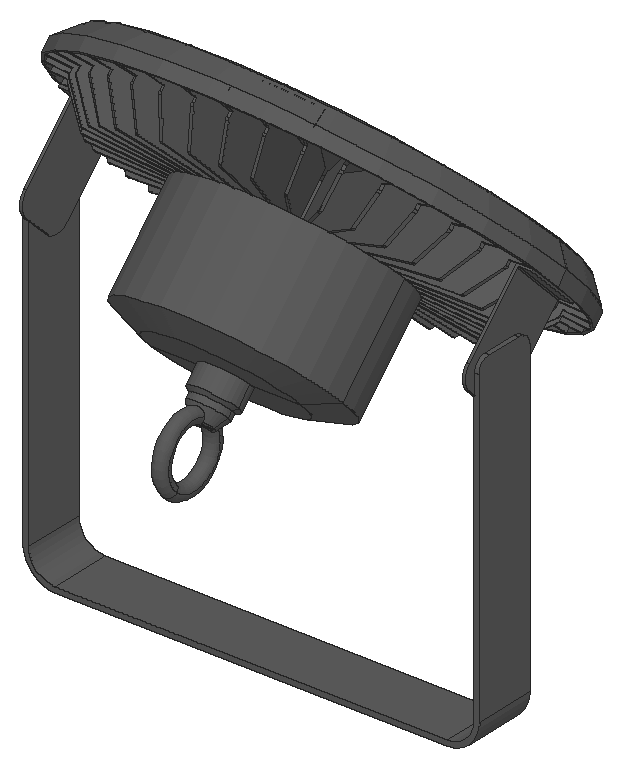
Revit family "0039344+0039353 Feilo Sylvania Lighting Fixture START HIGHBAY 4K 13KLM MEDIUM with BRACKET", category Lighting Fixtures, host Face, Revit 2017 (continued)
Definition of nested family "Start LED Highbay Head"
  Dimensions and locks
    "EyeInner_FEILO": plane 36 to plane 37
    equal spacing: plane 38, plane 3 "Center (Left/Right)", plane 39
    "EyeThickness_FEILO": plane 38 to plane 39
    "EyeThickness_FEILO": plane 37 to plane 40
    equal spacing: plane 37, plane 41, plane 40
    equal spacing: plane 6, plane 42, plane 18
    "ThicknessBracket_FEILO": plane 45 to plane 6
    "ThicknessBracket_FEILO": plane 8 to plane 44
    locked: plane 43 to plane 18 at 1
    equal spacing: plane 24, plane 46, plane 26
    equal spacing: plane 47, plane 1 "Center (Front/Back)", plane 48
    "WidthBracket_FEILO": plane 47 to plane 48
    "WidthRingChamfer_FEILO": plane 50 to plane 49
    "ThicknessWall_FEILO": plane 51 to plane 49
    equal spacing: plane 50, plane 52, plane 51
    "ThicknessBracket_FEILO": plane 54 to plane 50
    locked: plane 53 to plane 51 at 1
    "Radius_FEILO": plane 49 to plane 3 "Center (Left/Right)"
    "ShadeRadiusOut_FEILO": plane 3 "Center (Left/Right)" to plane 55
    "ShadeHeight_FEILO": plane 56 to plane 4
    "ShadeRadiusIn_FEILO": plane 3 "Center (Left/Right)" to plane 57
    locked: plane 58 to plane 57 at 8
    "ShadeThickness_FEILO": plane 60 to plane 4
    "ShadeThickness_FEILO": plane 59 to plane 55
    "EyeThicknessHalf_FEILO": radius of curve 8
    "ThicknessBracket_FEILO": radius of Extrusion 7 sketch curve  (x2)
    "ThicknessBracketHalf_FEILO": radius of Extrusion 7 sketch curve  (x2)
    "ShadeRadiusBend_FEILO": radius of curve 9
    aligned and locked: plane 2 to Extrusion 1
    aligned and locked: level to Extrusion 1
    aligned and locked: plane 5 to curve 1
    aligned and locked: plane 6 to curve 1
    aligned and locked: plane 7 to curve 1
    aligned and locked: plane 10 to curve 2
    aligned and locked: plane 9 to curve 3
    aligned and locked: plane 4 to curve 3
    aligned and locked: plane 11 to curve 3
    aligned and locked: plane 4 to curve 4
    aligned and locked: plane 18 to curve 5
    aligned and locked: plane 10 to curve 5
    aligned and locked: Revolve 2 sketch curve to plane 3 "Center (Left/Right)"
    aligned and locked: Revolve 2 sketch curve to curve 3
    aligned and locked: Revolve 2 sketch curve to curve 1
    aligned and locked: plane 4 to Revolve 2 sketch curve
    aligned and locked: plane 9 to Revolve 2 sketch curve
    aligned and locked: Revolve 2 sketch curve to plane 13
    aligned and locked: Revolve 2 sketch curve to plane 10
    aligned and locked: plane 13 to Revolve 2 sketch curve
    aligned and locked: plane 10 to Revolve 2 sketch curve
    aligned and locked: Revolve 2 sketch curve to plane 18
    aligned and locked: Revolve 2 sketch curve to plane 8
    aligned and locked: plane 5 to Revolve 2 sketch curve  (x2)
    aligned and locked: Revolve 3 sketch curve to plane 3 "Center (Left/Right)"
    aligned and locked: plane 11 to Revolve 3 sketch curve
    aligned and locked: Revolve 3 sketch curve to curve 2
    aligned and locked: plane 15 to Revolve 3 sketch curve
    aligned and locked: Revolve 3 sketch curve to plane 16
    aligned and locked: plane 17 to Revolve 3 sketch curve  (x2)
    aligned and locked: Revolve 3 sketch curve to plane 12
    aligned and locked: plane 7 to Revolve 3 sketch curve
    aligned and locked: Revolve 4 sketch curve to plane 3 "Center (Left/Right)"
    aligned and locked: Revolve 4 sketch curve to plane 14
    aligned and locked: plane 3 "Center (Left/Right)" to Revolve 4 sketch curve
    aligned and locked: Revolve 4 sketch curve to plane 12
    aligned and locked: plane 15 to Revolve 4 sketch curve
    aligned and locked: Revolve 2 sketch curve to curve 5
    aligned and locked: plane 22 to curve 6
    aligned and locked: plane 21 to curve 6
    aligned and locked: plane 20 to curve 6
    aligned and locked: plane 19 to curve 6
    aligned and locked: plane 33 to curve 7
    aligned and locked: plane 32 to curve 7
    aligned and locked: plane 35 to curve 7
    aligned and locked: plane 34 to curve 7
    aligned and locked: Revolve 5 sketch curve to plane 3 "Center (Left/Right)"
    aligned and locked: Revolve 5 sketch curve to plane 25
    aligned and locked: plane 27 to Revolve 5 sketch curve
    aligned and locked: plane 28 to Revolve 5 sketch curve
    aligned and locked: plane 30 to Revolve 5 sketch curve
    aligned and locked: Revolve 5 sketch curve to plane 29
    aligned and locked: plane 31 to Revolve 5 sketch curve
    aligned and locked: Revolve 5 sketch curve to curve 7
    aligned and locked: Revolve 5 sketch curve to plane 32
    aligned and locked: plane 34 to Revolve 5 sketch curve
    aligned and locked: plane 3 "Center (Left/Right)" to Revolve 5 sketch curve
    aligned and locked: plane 3 "Center (Left/Right)" to curve 8
    aligned and locked: plane 41 to curve 8
    aligned and locked: Revolve 6 sketch curve to plane 36
    aligned and locked: Revolve 6 sketch curve to curve 8
    aligned and locked: plane 43 to Extrusion 7 sketch curve  (x2)
    aligned and locked: plane 8 to Extrusion 7 sketch curve  (x3)
    aligned and locked: Extrusion 7 sketch curve to plane 45
    aligned and locked: Extrusion 7 sketch curve to plane 46  (x2)
    aligned and locked: plane 6 to Extrusion 7 sketch curve
    aligned and locked: Extrusion 7 sketch curve to plane 44  (x2)
    aligned and locked: Extrusion 7 to plane 48
    aligned and locked: plane 47 to Extrusion 7
    aligned and locked: plane 53 to Extrusion 7 sketch curve
    aligned and locked: plane 50 to Extrusion 7 sketch curve
    aligned and locked: Extrusion 7 sketch curve to plane 54
    aligned and locked: Extrusion 8 sketch curve to Extrusion 8 sketch curve
    aligned and locked: Extrusion 8 to plane 6
    aligned and locked: Extrusion 8 to Extrusion 7
    aligned and locked: Revolve 5 sketch curve to plane 22
    aligned and locked: plane 23 to nested 1
    aligned and locked: plane 1 "Center (Front/Back)" to nested 1
    aligned and locked: Revolve 9 sketch curve to plane 3 "Center (Left/Right)"
    aligned and locked: Revolve 9 sketch curve to plane 4
    aligned and locked: plane 6 to Revolve 9 sketch curve
    aligned and locked: plane 4 to Revolve 9 sketch curve
    aligned and locked: plane 7 to Revolve 9 sketch curve
    aligned and locked: Revolve 9 sketch curve to plane 5
    aligned and locked: plane 8 to Revolve 9 sketch curve  (x2)
    aligned and locked: Revolve 9 sketch curve to plane 19
    aligned and locked: plane 20 to Revolve 9 sketch curve
    aligned and locked: plane 19 to Revolve 9 sketch curve
    aligned and locked: plane 21 to Revolve 9 sketch curve
    aligned and locked: plane 22 to Revolve 9 sketch curve  (x2)
    aligned and locked: Revolve 9 sketch curve to Revolve 9 sketch curve
    aligned and locked: imposter light to plane 4
    aligned and locked: plane 3 "Center (Left/Right)" to imposter light
    aligned and locked: imposter light to plane 1 "Center (Front/Back)"
    aligned and locked: plane 55 to curve 9
    aligned and locked: plane 56 to curve 9
    aligned and locked: plane 57 to curve 9
    aligned and locked: plane 4 to curve 9
    aligned and locked: Revolve 10 sketch curve to curve 9
    aligned and locked: plane 58 to Revolve 10 sketch curve
    aligned and locked: plane 57 to Revolve 10 sketch curve
    aligned and locked: plane 56 to Revolve 10 sketch curve  (x2)
    aligned and locked: Revolve 10 sketch curve to plane 58
    aligned and locked: plane 60 to Revolve 10 sketch curve
  Automatic sketch dimensions
    Extrusion 1 sketch curve to Extrusion 1 sketch curve = 2438.4 mm  (x2)
    Revolve 2 sketch curve to plane 6 = 0.299 mm
    plane 6 to Revolve 2 sketch curve = 0.459 mm
    Revolve 2 sketch curve to level = 609.6 mm
    Revolve 2 sketch curve to Revolve 2 sketch curve = 2312.223 mm
    Revolve 3 sketch curve to plane 12 = 0 mm
    Revolve 3 sketch curve to plane 3 "Center (Left/Right)" = 0 mm
    Revolve 3 sketch curve to level = 609.6 mm
    Revolve 3 sketch curve to plane 4 = 2339.058 mm
    Revolve 4 sketch curve to level = 609.6 mm
    Revolve 4 sketch curve to plane 4 = 2339.058 mm
    Revolve 6 sketch curve to plane 5 = 1080 mm
    plane 38 to Revolve 6 sketch curve = 1219.2 mm
    Extrusion 8 sketch curve to plane 47 = 0 mm
    plane 46 to Extrusion 8 sketch curve = 0 mm  (x2)
    Extrusion 8 sketch curve to plane 48 = 0 mm
    plane 47 to Extrusion 8 sketch curve = 5 mm
    plane 1 "Center (Front/Back)" to Extrusion 8 sketch curve = 10 mm
    Extrusion 8 sketch curve to Extrusion 8 sketch curve = 10 mm
    plane 46 to Extrusion 8 sketch curve = 5 mm
    Extrusion 8 sketch curve to Extrusion 8 sketch curve = 5 mm
    Extrusion 8 sketch curve to plane 48 = 5 mm
    Revolve 5 sketch curve to plane 26 = 0 mm
    Revolve 5 sketch curve to plane 35 = 0.437 mm
    plane 35 to Revolve 5 sketch curve = 0.847 mm
    Revolve 5 sketch curve to plane 34 = 0.726 mm
    plane 40 to Revolve 5 sketch curve = 590.2 mm
    Revolve 5 sketch curve to plane 4 = 2339.058 mm
    Revolve 9 sketch curve to level = 609.6 mm
    Revolve 9 sketch curve to Revolve 9 sketch curve = 2386.058 mm
    curve 2 to plane 3 "Center (Left/Right)" = 0 mm
    Revolve 10 sketch curve to Revolve 10 sketch curve = 0 mm  (x2)
    Revolve 10 sketch curve to plane 3 "Center (Left/Right)" = 0 mm
    plane 57 to Revolve 10 sketch curve = 0.659 mm
    Revolve 10 sketch curve to level = 609.6 mm
    Revolve 10 sketch curve to Revolve 10 sketch curve = 2068.248 mm
  Nested families
    nested 1: "Start Highbay Rib" at (0, 0, 67.775), type "Type Name", detail levels medium+fine
      with SuspensionHeight_FEILO 2.6 mm
    nested 2: "Start Highbay Rib" at (0, 0, 67.775) x (0.9877, 0.1564, 0) z (0, 0, 1), type "Type Name", detail levels medium+fine
      with SuspensionHeight_FEILO 2.6 mm
    nested 3: "Start Highbay Rib" at (0, 0, 67.775) x (0.9511, 0.309, 0) z (0, 0, 1), type "Type Name", detail levels medium+fine
      with SuspensionHeight_FEILO 2.6 mm
    nested 4: "Start Highbay Rib" at (0, 0, 67.775) x (0.891, 0.454, 0) z (0, 0, 1), type "Type Name", detail levels medium+fine
      with SuspensionHeight_FEILO 2.6 mm
    nested 5: "Start Highbay Rib" at (0, 0, 67.775) x (0.809, 0.5878, 0) z (0, 0, 1), type "Type Name", detail levels medium+fine
      with SuspensionHeight_FEILO 2.6 mm
    nested 6: "Start Highbay Rib" at (0, 0, 67.775) x (0.7071, 0.7071, 0) z (0, 0, 1), type "Type Name", detail levels medium+fine
      with SuspensionHeight_FEILO 2.6 mm
    nested 7: "Start Highbay Rib" at (0, 0, 67.775) x (0.5878, 0.809, 0) z (0, 0, 1), type "Type Name", detail levels medium+fine
      with SuspensionHeight_FEILO 2.6 mm
    nested 8: "Start Highbay Rib" at (0, 0, 67.775) x (0.454, 0.891, 0) z (0, 0, 1), type "Type Name", detail levels medium+fine
      with SuspensionHeight_FEILO 2.6 mm
    nested 9: "Start Highbay Rib" at (0, 0, 67.775) x (0.309, 0.9511, 0) z (0, 0, 1), type "Type Name", detail levels medium+fine
      with SuspensionHeight_FEILO 2.6 mm
    nested 10: "Start Highbay Rib" at (0, 0, 67.775) x (0.1564, 0.9877, 0) z (0, 0, 1), type "Type Name", detail levels medium+fine
      with SuspensionHeight_FEILO 2.6 mm
    nested 11: "Start Highbay Rib" at (0, 0, 67.775) x (0, 1, 0) z (0, 0, 1), type "Type Name", detail levels medium+fine
      with SuspensionHeight_FEILO 2.6 mm
    nested 12: "Start Highbay Rib" at (0, 0, 67.775) x (-0.1564, 0.9877, 0) z (0, 0, 1), type "Type Name", detail levels medium+fine
      with SuspensionHeight_FEILO 2.6 mm
    nested 13: "Start Highbay Rib" at (0, 0, 67.775) x (-0.309, 0.9511, 0) z (0, 0, 1), type "Type Name", detail levels medium+fine
      with SuspensionHeight_FEILO 2.6 mm
    nested 14: "Start Highbay Rib" at (0, 0, 67.775) x (-0.454, 0.891, 0) z (0, 0, 1), type "Type Name", detail levels medium+fine
      with SuspensionHeight_FEILO 2.6 mm
    nested 15: "Start Highbay Rib" at (0, 0, 67.775) x (-0.5878, 0.809, 0) z (0, 0, 1), type "Type Name", detail levels medium+fine
      with SuspensionHeight_FEILO 2.6 mm
    nested 16: "Start Highbay Rib" at (0, 0, 67.775) x (-0.7071, 0.7071, 0) z (0, 0, 1), type "Type Name", detail levels medium+fine
      with SuspensionHeight_FEILO 2.6 mm
    nested 17: "Start Highbay Rib" at (0, 0, 67.775) x (-0.809, 0.5878, 0) z (0, 0, 1), type "Type Name", detail levels medium+fine
      with SuspensionHeight_FEILO 2.6 mm
    nested 18: "Start Highbay Rib" at (0, 0, 67.775) x (-0.891, 0.454, 0) z (0, 0, 1), type "Type Name", detail levels medium+fine
      with SuspensionHeight_FEILO 2.6 mm
    nested 19: "Start Highbay Rib" at (0, 0, 67.775) x (-0.9511, 0.309, 0) z (0, 0, 1), type "Type Name", detail levels medium+fine
      with SuspensionHeight_FEILO 2.6 mm
    nested 20: "Start Highbay Rib" at (0, 0, 67.775) x (-0.9877, 0.1564, 0) z (0, 0, 1), type "Type Name", detail levels medium+fine
      with SuspensionHeight_FEILO 2.6 mm
    nested 21: "Start Highbay Rib" at (0, 0, 67.775) x (-1, 0, 0) z (0, 0, 1), type "Type Name", detail levels medium+fine
      with SuspensionHeight_FEILO 2.6 mm
    nested 22: "Start Highbay Rib" at (0, 0, 67.775) x (-0.9877, -0.1564, 0) z (0, 0, 1), type "Type Name", detail levels medium+fine
      with SuspensionHeight_FEILO 2.6 mm
    nested 23: "Start Highbay Rib" at (0, 0, 67.775) x (-0.9511, -0.309, 0) z (0, 0, 1), type "Type Name", detail levels medium+fine
      with SuspensionHeight_FEILO 2.6 mm
    nested 24: "Start Highbay Rib" at (0, 0, 67.775) x (-0.891, -0.454, 0) z (0, 0, 1), type "Type Name", detail levels medium+fine
      with SuspensionHeight_FEILO 2.6 mm
    nested 25: "Start Highbay Rib" at (0, 0, 67.775) x (-0.809, -0.5878, 0) z (0, 0, 1), type "Type Name", detail levels medium+fine
      with SuspensionHeight_FEILO 2.6 mm
    nested 26: "Start Highbay Rib" at (0, 0, 67.775) x (-0.7071, -0.7071, 0) z (0, 0, 1), type "Type Name", detail levels medium+fine
      with SuspensionHeight_FEILO 2.6 mm
    nested 27: "Start Highbay Rib" at (0, 0, 67.775) x (-0.5878, -0.809, 0) z (0, 0, 1), type "Type Name", detail levels medium+fine
      with SuspensionHeight_FEILO 2.6 mm
    nested 28: "Start Highbay Rib" at (0, 0, 67.775) x (-0.454, -0.891, 0) z (0, 0, 1), type "Type Name", detail levels medium+fine
      with SuspensionHeight_FEILO 2.6 mm
    nested 29: "Start Highbay Rib" at (0, 0, 67.775) x (-0.309, -0.9511, 0) z (0, 0, 1), type "Type Name", detail levels medium+fine
      with SuspensionHeight_FEILO 2.6 mm
    nested 30: "Start Highbay Rib" at (0, 0, 67.775) x (-0.1564, -0.9877, 0) z (0, 0, 1), type "Type Name", detail levels medium+fine
      with SuspensionHeight_FEILO 2.6 mm
    nested 31: "Start Highbay Rib" at (0, 0, 67.775) x (0, -1, 0) z (0, 0, 1), type "Type Name", detail levels medium+fine
      with SuspensionHeight_FEILO 2.6 mm
    nested 32: "Start Highbay Rib" at (0, 0, 67.775) x (0.1564, -0.9877, 0) z (0, 0, 1), type "Type Name", detail levels medium+fine
      with SuspensionHeight_FEILO 2.6 mm
    nested 33: "Start Highbay Rib" at (0, 0, 67.775) x (0.309, -0.9511, 0) z (0, 0, 1), type "Type Name", detail levels medium+fine
      with SuspensionHeight_FEILO 2.6 mm
    nested 34: "Start Highbay Rib" at (0, 0, 67.775) x (0.454, -0.891, 0) z (0, 0, 1), type "Type Name", detail levels medium+fine
      with SuspensionHeight_FEILO 2.6 mm
    nested 35: "Start Highbay Rib" at (0, 0, 67.775) x (0.5878, -0.809, 0) z (0, 0, 1), type "Type Name", detail levels medium+fine
      with SuspensionHeight_FEILO 2.6 mm
    nested 36: "Start Highbay Rib" at (0, 0, 67.775) x (0.7071, -0.7071, 0) z (0, 0, 1), type "Type Name", detail levels medium+fine
      with SuspensionHeight_FEILO 2.6 mm
    nested 37: "Start Highbay Rib" at (0, 0, 67.775) x (0.809, -0.5878, 0) z (0, 0, 1), type "Type Name", detail levels medium+fine
      with SuspensionHeight_FEILO 2.6 mm
    nested 38: "Start Highbay Rib" at (0, 0, 67.775) x (0.891, -0.454, 0) z (0, 0, 1), type "Type Name", detail levels medium+fine
      with SuspensionHeight_FEILO 2.6 mm
    nested 39: "Start Highbay Rib" at (0, 0, 67.775) x (0.9511, -0.309, 0) z (0, 0, 1), type "Type Name", detail levels medium+fine
      with SuspensionHeight_FEILO 2.6 mm
    nested 40: "Start Highbay Rib" at (0, 0, 67.775) x (0.9877, -0.1564, 0) z (0, 0, 1), type "Type Name", detail levels medium+fine
      with SuspensionHeight_FEILO 2.6 mm
  Definition of nested family "Start Highbay Rib"
    Parameters (values of type "Type Name")
      WidthStraight_FEILO = if(SizeS_FEILO, 3 mm, if(SizeM_FEILO, 4 mm, 4.7 mm))  # 3 mm
      WidthRingChamfer_FEILO = if(SizeS_FEILO, 10.3 mm, if(SizeM_FEILO, 11.2 mm, 12.9 mm))  # 10.3 mm
      WidthCurved_FEILO = if(SizeS_FEILO, 17.4 mm, if(SizeM_FEILO, 16.4 mm, 26.2 mm))  # 17.4 mm
      WidthCurvedRing_FEILO = if(SizeS_FEILO, 3 mm, if(SizeM_FEILO, 4 mm, 4.7 mm))  # 3 mm
      WidthBracket_FEILO = 40 mm
      URL = "http://www.feilosylvania.com"
      Type Image = (empty or 0)
      Type Comments = "n/a"
      ThicknessWall_FEILO = 1.5 mm
      ThicknessBracket_FEILO = 1.5 mm
      ThicknessBracketHalf_FEILO = ThicknessBracket_FEILO / 2  # 0.75 mm
      SuspensionHeight_FEILO [instance] = 2.6 mm
      SizeS_FEILO = yes
      SizeM_FEILO = no
      Rib4_FEILO = if(SizeS_FEILO, 18.1 mm, if(SizeM_FEILO, 13.6 mm, 14.6 mm))  # 18.1 mm
      Rib3_FEILO = if(SizeS_FEILO, 15.3 mm, if(SizeM_FEILO, 17.6 mm, 20.2 mm))  # 15.3 mm
      Rib2_FEILO = if(SizeS_FEILO, 3.6 mm, if(SizeM_FEILO, 3.9 mm, 4.5 mm))  # 3.6 mm
      Rib1_FEILO = if(SizeS_FEILO, 15.1 mm, if(SizeM_FEILO, 16.5 mm, 19 mm))  # 15.1 mm
      RadiusRib_FEILO = 2 mm
      RadiusDiffuser_FEILO = if(SizeS_FEILO, 95.2 mm, if(SizeM_FEILO, 105.3 mm, 120 mm))  # 95.2 mm
      RHRadius3_FEILO = if(SizeS_FEILO, 6.6 mm, if(SizeM_FEILO, 7.4 mm, 8.6 mm))  # 6.6 mm
      RHRadius2_FEILO = if(SizeS_FEILO, 11 mm, if(SizeM_FEILO, 12 mm, 14 mm))  # 11 mm
      RHRadius1_FEILO = if(SizeS_FEILO, 13.6 mm, if(SizeM_FEILO, 14.9 mm, 17.7 mm))  # 13.6 mm
      RHHeight4_FEILO = if(SizeS_FEILO, 7.3 mm, if(SizeM_FEILO, 8 mm, 9.2 mm))  # 7.3 mm
      RHHeight3_FEILO = if(SizeS_FEILO, 3.6 mm, if(SizeM_FEILO, 3.7 mm, 4.6 mm))  # 3.6 mm
      RHHeight2_FEILO = if(SizeS_FEILO, 2 mm, if(SizeM_FEILO, 2.2 mm, 2.6 mm))  # 2 mm
      RHHeight1_FEILO = if(SizeS_FEILO, 11.8 mm, if(SizeM_FEILO, 15.3 mm, 17.4 mm))  # 11.8 mm
      Material_3_FEILO = none
      Model = ""
      Manufacturer = "Feilo Sylvania"
      Keynote = "16500"
      HeightRing_FEILO = if(SizeS_FEILO, 19.8 mm, if(SizeM_FEILO, 32 mm, 36.8 mm))  # 19.8 mm
      HeightRingChamfer_FEILO = if(SizeS_FEILO, 11.7 mm, if(SizeM_FEILO, 23.2 mm, 26.6 mm))  # 11.7 mm
      EyeThickness_FEILO = if(SizeS_FEILO, 8.4 mm, if(SizeM_FEILO, 9.2 mm, 10.5 mm))  # 8.4 mm
      EyeThicknessHalf_FEILO = EyeThickness_FEILO / 2  # 4.2 mm
      EyeInner_FEILO = if(SizeS_FEILO, 13.8 mm, if(SizeM_FEILO, 15.1 mm, 17.3 mm))  # 13.8 mm
      DriverVerticalStraight_FEILO = if(SizeS_FEILO, 46.5 mm, if(SizeM_FEILO, 49.7 mm, 57 mm))  # 46.5 mm
      DriverVerticalChamfer_FEILO = if(SizeS_FEILO, 7.5 mm, if(SizeM_FEILO, 8.2 mm, 9.5 mm))  # 7.5 mm
      DriverRadius_FEILO = if(SizeS_FEILO, 61.4 mm, if(SizeM_FEILO, 67.2 mm, 76.4 mm))  # 61.4 mm
      DriverRadiusTop_FEILO = if(SizeS_FEILO, 42 mm, if(SizeM_FEILO, 45.3 mm, 52.4 mm))  # 42 mm
      DriverBottom_FEILO = if(SizeS_FEILO, 56 mm, if(SizeM_FEILO, 64.5 mm, 74 mm))  # 56 mm
      Material_2_FEILO = none
      Radius_FEILO = if(SizeS_FEILO, 135 mm, if(SizeM_FEILO, 148 mm, 169.5 mm))  # 135 mm
      Description = ""
      Default Elevation = 1219.2 mm
      Cost = 0
      Material_1_FEILO = none
      Assembly Code = "D5020200"
      Material_4_FEILO = none
    Reference planes
      plane 1 "Center (Front/Back)": y = 0
      plane 2: z = 0
      plane 3 "Center (Left/Right)": x = 0
      plane 4: z = 2.6
      plane 5: x = -135
      plane 6: x = -124.7
      plane 7: z = -9.1
      plane 8: z = -17.2
      plane 9: x = -121.7
      plane 10: z = -0.025
      plane 11: x = -104.3
      plane 12: x = -95.2
      plane 13: x = -118.7
      plane 14: z = 0.975
      plane 15: z = -1.025
      plane 16: x = -92.2
      plane 17: z = -2.025
      plane 18: x = -133.5
      plane 19: x = -119.9
      plane 20: z = -20.8
      plane 21: x = -104.6
      plane 22: z = -38.9
      plane 23: x = -20
      plane 24: z = -53.4
      plane 25: x = -61.4
      plane 26: z = -99.9
      plane 27: x = -42
      plane 28: z = -107.4
      plane 29: x = -13.6
      plane 30: z = -119.2
      plane 31: z = -121.2
      plane 32: x = -11
      plane 33: z = -124.8
      plane 34: z = -132.1
      plane 35: x = -6.6
      plane 36: z = -145.9
      plane 37: z = -159.7
      plane 38: x = 4.2
      plane 39: x = -4.2
      plane 40: z = -168.1
      plane 41: z = -163.9
      plane 42: x = -129.1
      plane 43: x = -132.5
      plane 44: z = -18.7
      plane 45: x = -123.2
      plane 46: z = -76.65
      plane 47: y = -20
      plane 48: y = 20
      plane 49: x = 135
      plane 50: x = 124.7
      plane 51: x = 133.5
      plane 52: x = 129.1
      plane 53: x = 132.5
      plane 54: x = 123.2
      plane 55: y = 0.75
      plane 56: y = -0.75
    Forms (mm)
      Extrusion 1, solid
        sketch origin (4.2, 0, 0) x (1, 0, 0) y (0, 1, 0)
          loop
            line (-1219.2, 1219.2) -> (-1219.2, -1219.2) -> (1219.2, -1219.2) -> (1219.2, 1219.2) -> (-1219.2, 1219.2)
        from 0 to -68.017
      Extrusion 2, solid, material <- "Material_1_FEILO"
        sketch origin (0, 0, 0) x (1, 0, 0) y (0, 0, 1)
          loop
            arc (-104.3, -0.025) -> (-111.555, 0.423) -> (-118.7, 1.76) r 58.981
            line (-118.7, 1.76) -> (-118.7, -0.025) -> (-125.012, -0.025) -> (-133.5, -9.666) -> (-133.5, -17.2) -> (-119.9, -17.2) -> (-119.9, -20.068)
            arc (-119.9, -20.068) -> (-119.778, -20.755) -> (-119.427, -21.359) r 2
            line (-119.427, -21.359) -> (-104.966, -38.467)
            arc (-104.966, -38.467) -> (-104.381, -38.789) -> (-103.723, -38.9) r 2
            line (-103.723, -38.9) -> (-20, -38.9) -> (-20, -9.1) -> (-95.2, -9.1) -> (-95.2, -2.025) -> (-104.3, -2.025) -> (-104.3, -0.025)
        from -0.75 to 0.75
    Lines and regions (mm)
      reference lines
        curve 1: line (-135, 0, -9.1) -> (-124.7, 0, 2.6)
        curve 2: line (-104.3, 0, -0.025) -> (0, 0, -0.025)
        curve 3: arc (-104.3, 0, -0.025) -> (-113.098, 0, 0.635) -> (-121.7, 0, 2.6) r 58.981
        curve 4: line (-124.7, 0, 2.6) -> (-121.7, 0, 2.6)
        curve 5: line (-125.012, 0, -0.025) -> (-133.5, 0, -9.666)
        curve 6: line (-119.9, 0, -20.8) -> (-104.6, 0, -38.9)
    Dimensions and locks
      "Radius_FEILO": plane 3 "Center (Left/Right)" to plane 5
      "WidthRingChamfer_FEILO": plane 6 to plane 5
      "WidthStraight_FEILO": plane 9 to plane 6
      "WidthCurvedRing_FEILO": plane 13 to plane 9
      locked: plane 10 to plane 15 at 1
      locked: plane 14 to plane 10 at 1
      locked: plane 4 to plane 10 at 2.625
      locked: plane 15 to plane 17 at 1
      "ThicknessWall_FEILO": plane 18 to plane 5
      "ThicknessWall_FEILO": curve 5 to curve 1
      "HeightRingChamfer_FEILO": plane 4 to plane 7
      "HeightRing_FEILO": plane 4 to plane 8
      "RadiusDiffuser_FEILO": plane 3 "Center (Left/Right)" to plane 12
      locked: plane 16 to plane 12 at 3
      "WidthCurved_FEILO": plane 11 to plane 9
      "SuspensionHeight_FEILO": plane 4 to plane 2
      "Rib1_FEILO": plane 19 to plane 5
      "Rib2_FEILO": plane 8 to plane 20
      "Rib3_FEILO": plane 21 to plane 19
      "Rib4_FEILO": plane 20 to plane 22
      locked: plane 3 "Center (Left/Right)" to plane 23 at 20
      "DriverBottom_FEILO": plane 4 to plane 24
      "DriverRadius_FEILO": plane 3 "Center (Left/Right)" to plane 25
      "DriverVerticalStraight_FEILO": plane 24 to plane 26
      "DriverRadiusTop_FEILO": plane 3 "Center (Left/Right)" to plane 27
      "DriverVerticalChamfer_FEILO": plane 26 to plane 28
      "RHRadius1_FEILO": plane 3 "Center (Left/Right)" to plane 29
      "RHHeight2_FEILO": plane 30 to plane 31
      "RHRadius2_FEILO": plane 3 "Center (Left/Right)" to plane 32
      "RHHeight3_FEILO": plane 31 to plane 33
      "RHHeight4_FEILO": plane 33 to plane 34
      "RHRadius3_FEILO": plane 3 "Center (Left/Right)" to plane 35
      "RHHeight1_FEILO": plane 28 to plane 30
      "EyeInner_FEILO": plane 34 to plane 36
      "EyeInner_FEILO": plane 36 to plane 37
      equal spacing: plane 38, plane 3 "Center (Left/Right)", plane 39
      "EyeThickness_FEILO": plane 38 to plane 39
      "EyeThickness_FEILO": plane 37 to plane 40
      equal spacing: plane 37, plane 41, plane 40
      equal spacing: plane 6, plane 42, plane 18
      "ThicknessBracket_FEILO": plane 45 to plane 6
      "ThicknessBracket_FEILO": plane 8 to plane 44
      locked: plane 43 to plane 18 at 1
      equal spacing: plane 24, plane 46, plane 26
      equal spacing: plane 47, plane 1 "Center (Front/Back)", plane 48
      "WidthBracket_FEILO": plane 47 to plane 48
      "WidthRingChamfer_FEILO": plane 50 to plane 49
      "ThicknessWall_FEILO": plane 51 to plane 49
      equal spacing: plane 50, plane 52, plane 51
      "ThicknessBracket_FEILO": plane 54 to plane 50
      locked: plane 53 to plane 51 at 1
      "Radius_FEILO": plane 49 to plane 3 "Center (Left/Right)"
      equal spacing: plane 56, plane 1 "Center (Front/Back)", plane 55
      "ThicknessWall_FEILO": plane 56 to plane 55
      "RadiusRib_FEILO": radius of Extrusion 2 sketch curve  (x2)
      aligned and locked: plane 2 to Extrusion 1
      aligned and locked: level to Extrusion 1
      aligned and locked: plane 5 to curve 1
      aligned and locked: plane 6 to curve 1
      aligned and locked: plane 7 to curve 1
      aligned and locked: plane 10 to curve 2
      aligned and locked: plane 9 to curve 3
      aligned and locked: plane 4 to curve 3
      aligned and locked: plane 11 to curve 3
      aligned and locked: plane 4 to curve 4
      aligned and locked: plane 18 to curve 5
      aligned and locked: plane 10 to curve 5
      aligned and locked: plane 22 to curve 6
      aligned and locked: plane 21 to curve 6
      aligned and locked: plane 20 to curve 6
      aligned and locked: plane 19 to curve 6
      aligned and locked: Extrusion 2 sketch curve to plane 23
      aligned and locked: Extrusion 2 sketch curve to plane 22
      aligned and locked: Extrusion 2 sketch curve to curve 6
      aligned and locked: plane 19 to Extrusion 2 sketch curve
      aligned and locked: Extrusion 2 sketch curve to plane 8
      aligned and locked: Extrusion 2 sketch curve to curve 5
      aligned and locked: Extrusion 2 sketch curve to curve 3
      aligned and locked: Extrusion 2 to plane 55
      aligned and locked: plane 56 to Extrusion 2
      aligned and locked: curve 6 to Extrusion 2 sketch curve
    Automatic sketch dimensions
      Extrusion 1 sketch curve to Extrusion 1 sketch curve = 2438.4 mm  (x2)
      curve 2 to plane 3 "Center (Left/Right)" = 0 mm
      Extrusion 2 sketch curve to plane 18 = 0 mm
      Extrusion 2 sketch curve to plane 10 = 0 mm
      Extrusion 2 sketch curve to plane 13 = 0 mm
      Extrusion 2 sketch curve to plane 7 = 0 mm
      Extrusion 2 sketch curve to plane 12 = 0 mm
      Extrusion 2 sketch curve to plane 17 = 0 mm
      plane 19 to Extrusion 2 sketch curve = 0.473 mm
      Extrusion 2 sketch curve to plane 21 = 0.366 mm
